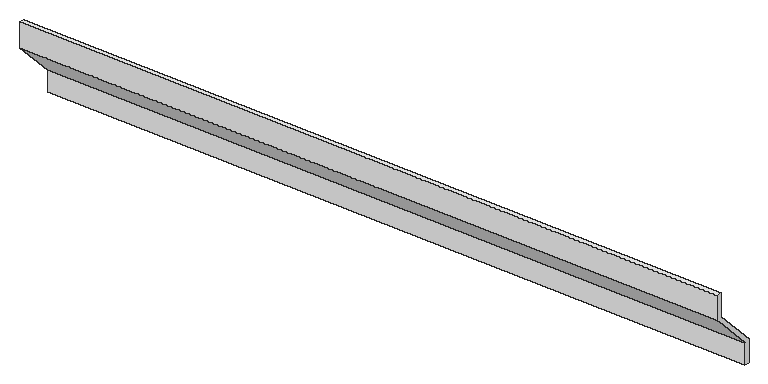
Revit family "GenericModel_LouvreBlade", category Generic Models, Revit 2024
Family settings
  Can host rebar = No
  Round Connector Dimension = Use Diameter
  Part Type = Normal
  Work Plane-Based = No
  Always vertical = Yes
  Cut with Voids When Loaded = No
  Maintain Annotation Orientation = No
  Shared = No
  Room Calculation Point = No
Parameters (values of type "Louvre")
  Width [instance] = 22 mm
  Total Length [instance] = 397.502 mm
  Thickness = 2.5 mm
  Overal Height = 2 * L1 + (L2)  # 44 mm
  Louvre Material = Window - External
  L2 = 20 mm
  L1 = 12 mm
  Default Elevation = 0 mm
Reference planes
  plane 1 "Center (Front/Back)": y = 0
  plane 2: z = 0
  plane 3 "Center (Left/Right)": x = 0
  plane 4 "Front": y = 11
  plane 5 "Back": y = -11
  plane 6: z = 12
  plane 7: z = 44
  plane 8: z = 32
  plane 9: y = 8.5
  plane 10: y = -8.5
  plane 11: x = -198.751
  plane 12: x = 198.751
Forms (mm)
  Extrusion 1, solid, material "Window - External" <- "Louvre Material"
    sketch origin (0, 0, 0) x (0, 1, 0) y (0, 0, 1)
      loop
        line (-11, 44) -> (-11, 30.983) -> (8.5, 10.983) -> (8.5, 0) -> (11, 0) -> (11, 12) -> (-8.5, 32) -> (-8.5, 44) -> (-11, 44)
    from -198.751 to 198.751
Dimensions and locks
  "L1": plane 7 to plane 8
  "L1": plane 6 to plane 2
  "Thickness": plane 10 to plane 5 "Back"
  "Thickness": plane 4 "Front" to plane 9
  "Thickness": Extrusion 1 sketch curve to Extrusion 1 sketch curve
  "L2": plane 8 to plane 6
  equal spacing: plane 11, plane 3 "Center (Left/Right)", plane 12
  "Total Length": plane 11 to plane 12
  "Width": plane 5 "Back" to plane 4 "Front"
  equal spacing: plane 4 "Front", plane 1 "Center (Front/Back)", plane 5 "Back"
  plane 7 to plane 2 = 44 mm
  aligned and locked: level to plane 2
  aligned and locked: Extrusion 1 sketch curve to plane 7
  aligned and locked: plane 5 "Back" to Extrusion 1 sketch curve
  aligned and locked: plane 10 to Extrusion 1 sketch curve
  aligned and locked: Extrusion 1 sketch curve to level
  aligned and locked: plane 9 to Extrusion 1 sketch curve
  aligned and locked: plane 4 "Front" to Extrusion 1 sketch curve
  aligned and locked: Extrusion 1 to plane 11
  aligned and locked: plane 12 to Extrusion 1
Automatic sketch dimensions
  Extrusion 1 sketch curve to plane 6 = 0 mm
  Extrusion 1 sketch curve to plane 8 = 0 mm
